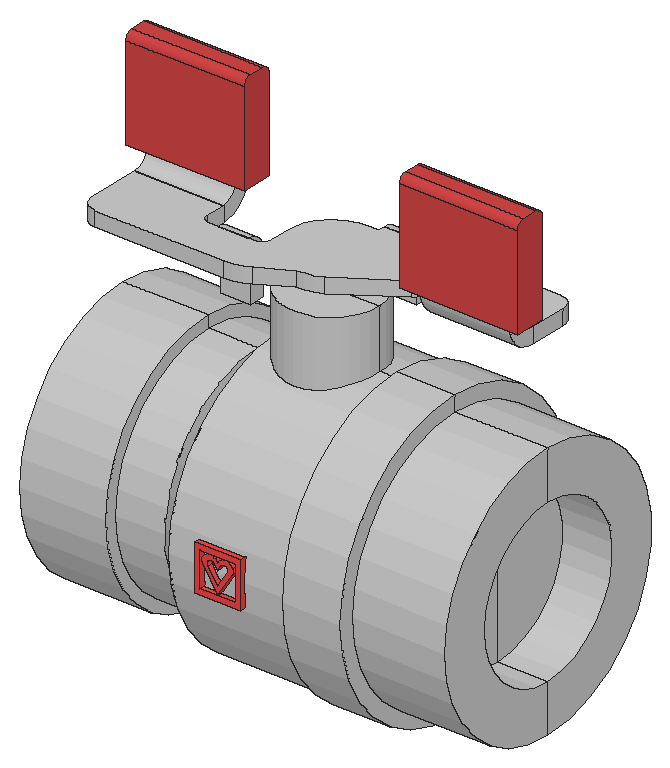
Revit family "Kugelhahn mit Knebelgriff (Blech) 2201", category Rohrzubehör, Revit 2019
Family settings
  Bemaßung runder Anschluss = Durchmesser verwenden
  Teiletyp = Unterbricht
  OmniClass-Nummer = 23.65.55.14
  OmniClass-Titel = Valves for Liquid Services
  Arbeitsebenenbasiert = Nein
  Immer vertikal = Ja
  Beim Laden mit Abzugskörper schneiden = Nein
  Gemeinsam genutzt = Nein
Parameters
  Min.Betriebstemperatur (Wasser) = 0.5 °C  # constant formula
  Min.Betriebstemperatur = -30 °C  # constant formula
  Max.Betriebstemperatur (Wasser - kein Dampf) = 110 °C  # constant formula
  Max.Betriebstemperatur = 150 °C  # constant formula
  Max.Betriebsdruck (Verschraubung) = 1600000.0 Pa  # constant formula
  Max.Betriebsdruck = 2500000.0 Pa  # constant formula
  W01 = 135.00°  # constant formula
  URL = "www.herz-armaturen.at"
  Spindeldichtung = "PTFE"  # constant formula
  Spindel = "Messing nach EN 12164, CW614N"  # constant formula
  SCRNSEQ = "ARM;ARM_TYP=\"ABVS\";2"
  SCRNCODE = "05;10;02"  # constant formula
  S02 [instance] = 2 * D01  # 51 mm
  S01 [instance] = L01 + L02 + L06  # 84.5 mm
  R01 [instance] = size_lookup("2201_3X_", "R1", 1 mm, Nennweite)  # 9.5 mm
  Nennweite [instance] = 32 mm
  Medium = "Heizungswasserqualität nach ÖNORM H 5195 oder VDI-Richtline 2035.\r\nDie Verwendung von Ethylen- oder Propylenglykol in einem Mischungsverhältnis 25 - 50% ist zulässig."
  L06 [instance] = size_lookup("2201_3X_", "L6", 1 mm, Nennweite)  # 18.5 mm
  L05 [instance] = size_lookup("2201_3X_", "L5", 1 mm, Nennweite)  # 34.8 mm
  L04 [instance] = size_lookup("2201_3X_", "L4", 1 mm, Nennweite)  # 11.5 mm
  L03 [instance] = size_lookup("2201_3X_", "L3", 1 mm, Nennweite)  # 17 mm
  L02 [instance] = size_lookup("2201_3X_", "L2", 1 mm, Nennweite)  # 24.5 mm
  L01 [instance] = size_lookup("2201_3X_", "L1", 1 mm, Nennweite)  # 41.5 mm
  Kugeldichtung = "PTFE"  # constant formula
  Kugel = "geschmiedetes Messing nach EN 12165, voller Durchgang, verchromt, CW617N"  # constant formula
  Innengewinde = "nach ISO 228-1"  # constant formula
  IG [instance] = Nennweite / 2  # 16 mm
  Hersteller = "HERZ Armaturen Ges.m.b.H"  # constant formula
  H01 [instance] = size_lookup("2201_3X_", "H1", 1 mm, Nennweite)  # 39 mm
  Griff = "Knebelgriff rot, Stahlblech beschichtet"  # constant formula
  Gewicht [instance] = if(Nennweite = 15 mm, 0.17, if(Nennweite = 20 mm, 0.246, if(Nennweite = 25 mm, 0.458, if(Nennweite = 32 mm, 0.712, 0))))  # 0.712
  Gehäuse = "geschmiedetes Messing nach EN 12165, vernickelt, CW617N"  # constant formula
  GT1 [instance] = size_lookup("2201_3X_", "GT1", 1 mm, Nennweite)  # 10 mm
  GT [instance] = size_lookup("2201_3X_", "GT", 1 mm, Nennweite)  # 16 mm
  Einsatzbereich = "Kugelhähne werden zum Absperren von Leitungen und Anlagen verwendet.\r\nEinsatzbereiche sind Heizungs- und Kälteanlagen.\r\nDer Kugelhahn ist nicht geeignet für die Durchflussregelung und muss immer in voll geöffneter oder geschlossener Position verwendet werden."
  DN25-DN32 [instance] = if(Nennweite = 25 mm, 38 mm, 43 mm)  # 43 mm
  DN25+DN32 [instance] = or(Nennweite = 25 mm, Nennweite = 32 mm)  # yes
  DN15-DN20 [instance] = if(Nennweite = 15 mm, 28 mm, 31 mm)  # 31 mm
  DN15+DN20 [instance] = or(Nennweite = 15 mm, Nennweite = 20 mm)  # no
  D05 [instance] = size_lookup("2201_3X_", "D5", 1 mm, Nennweite)  # 25.55 mm
  D04 [instance] = size_lookup("2201_3X_", "D4", 1 mm, Nennweite)  # 27.5 mm
  D03 [instance] = size_lookup("2201_3X_", "D3", 1 mm, Nennweite)  # 28.5 mm
  D02 [instance] = size_lookup("2201_3X_", "D2", 1 mm, Nennweite)  # 23.2 mm
  D01 [instance] = size_lookup("2201_3X_", "D1", 1 mm, Nennweite)  # 25.5 mm
  Bestellnummer [instance] = size_lookup("2201_3X_", "Artnr", 0, Nennweite)  # 1220134
  Anwendungen = "Der Kugelhahn wird in der Installation als Absperreinrichtung verwendet.\r\nAnwendungsgebiete sind Zentralheizungs- und Kälteanlagenlagen.\r\nDie Betriebsbedingungen (wie Temperatur und Druck) sollten dabei eingehalten werden."
Reference planes
  plane 1 "Mitte (Vorne/hinten)": y = 0
  plane 2: z = 0
  plane 3 "Mitte (Links/rechts)": x = 0
Forms (mm)
  Revolve 1, solid, material "Messing, vernickelt", detail levels fine
    sketch origin (0, 0, 0) x (1, 0, 0) y (0, 0, 1)
      loop
        line (24.5, 25.55) -> (24.5, 28.5) -> (13, 28.5) -> (13, 27.5) -> (-10.3, 27.5) -> (-14.6, 23.2) -> (-24.5, 23.2) -> (-24.5, 25.5) -> (-41.5, 25.5) -> (-41.5, 16) -> (-25.5, 16) -> (-25.5, 0) -> (33, 0) -> (33, 16) -> (43, 16) -> (43, 25.55) -> (24.5, 25.55)
      axis (-41.5, 0) -> (43, 0)
    angle from 0 to 360
  Revolve 2, solid, material "Messing, vernickelt", detail levels fine
    sketch origin (0, 0, 0) x (1, 0, 0) y (0, 0, 1)
      loop
        line (0, 0) -> (5.522, 0) -> (5.522, 8.202) -> (9.5, 8.202) -> (9.5, 39) -> (0, 39) -> (0, 0)
      axis (0, 39) -> (0, 0)
    angle from 0 to 360
Lines and regions (mm)
  model lines, detail levels coarse+medium
    curve 1: line (-42.25, 25.5, 0) -> (-42.25, -25.5, 0)
    curve 2: line (-42.25, -25.5, 0) -> (42.25, 25.5, 0)
    curve 3: line (42.25, 25.5, 0) -> (42.25, -25.5, 0)
    curve 4: line (42.25, -25.5, 0) -> (-42.25, 25.5, 0)
    curve 5: circle (0, 0, 0) r 25.5 normal (0, 0, 1)
    curve 6: line (-25.25, 0, 25.5) -> (-25.25, 0, -25.5)
    curve 7: line (-25.25, 0, -25.5) -> (59.25, 0, 25.5)
    curve 8: line (59.25, 0, 25.5) -> (59.25, 0, -25.5)
    curve 9: line (59.25, 0, -25.5) -> (-25.25, 0, 25.5)
    curve 10: circle (0, 0, 0) r 25.5 normal (0, -1, 0)
Dimensions and locks
  "L01": Revolve 1 sketch curve to plane 3 "Mitte (Links/rechts)"
  "L02": Revolve 1 sketch curve to plane 3 "Mitte (Links/rechts)"
  "D01": Revolve 1 sketch curve to plane 2
  "D02": Revolve 1 sketch curve to plane 2
  "L03": Revolve 1 sketch curve to Revolve 1 sketch curve
  "GT": Revolve 1 sketch curve to Revolve 1 sketch curve
  "IG": Revolve 1 sketch curve to plane 2
  "R01": Revolve 2 sketch curve to plane 3 "Mitte (Links/rechts)"
  "H01": Revolve 2 sketch curve to plane 2
  "D03": Revolve 1 sketch curve to plane 2
  "D04": Revolve 1 sketch curve to plane 2
  "L04": Revolve 1 sketch curve to Revolve 1 sketch curve
  "L05": Revolve 1 sketch curve to Revolve 1 sketch curve
  "IG": Revolve 1 sketch curve to Revolve 1 sketch curve
  "GT1": Revolve 1 sketch curve to Revolve 1 sketch curve
  "L06": Revolve 1 sketch curve to Revolve 1 sketch curve
  "D05": Revolve 1 sketch curve to Revolve 1 sketch curve
  "D04": nested 1 to plane 1 "Mitte (Vorne/hinten)"
  equal spacing: curve 2, plane 1 "Mitte (Vorne/hinten)", curve 4
  equal spacing: curve 4, plane 1 "Mitte (Vorne/hinten)", curve 3
  "S02": curve 4 to curve 2
  "S02": curve 3 to curve 4
  equal spacing: curve 1, plane 3 "Mitte (Links/rechts)", curve 3
  "S01": curve 1 to curve 3
  "S02": curve 9 to curve 7
  equal spacing: curve 9, plane 2, curve 7
  equal spacing: curve 8, plane 2, curve 9
  "S02": curve 8 to curve 9
  curve 6 to curve 8 = 84.5 mm
  "S01": curve 6 to curve 8
  "DN15-DN20": nested 2 to plane 2
  "DN25-DN32": nested 3 to plane 2
  "S02": diameter of curve 5
  "S02": diameter of curve 10
  "W01": angle Revolve 1 sketch curve to Revolve 1 sketch curve
  aligned and locked: level to plane 2
Automatic sketch dimensions
  curve 10 to level = 0 mm
  curve 10 to plane 3 "Mitte (Links/rechts)" = 0 mm
  curve 6 to plane 3 "Mitte (Links/rechts)" = 25.25 mm
  plane 1 "Mitte (Vorne/hinten)" to curve 5 = 0 mm
  curve 5 to plane 3 "Mitte (Links/rechts)" = 0 mm
  Revolve 1 sketch curve to level = 0 mm  (x2)
  Revolve 1 sketch curve to Revolve 1 sketch curve = 1481.63 mm
  Revolve 1 sketch curve to Revolve 1 sketch curve = 1814.648 mm
  Revolve 2 sketch curve to level = 0 mm
  Revolve 2 sketch curve to plane 3 "Mitte (Links/rechts)" = 0 mm  (x2)
  plane 3 "Mitte (Links/rechts)" to Revolve 2 sketch curve = 5.522 mm
  level to Revolve 2 sketch curve = 8.202 mm
  Revolve 2 sketch curve to Revolve 2 sketch curve = 366.045 mm
  Revolve 2 sketch curve to Revolve 2 sketch curve = 2190.315 mm
Nested families
  nested 1: "Herz-Logo-vorne" at (0, -27.5, 0) x (0, 1, 0) z (0, 0, 1), type "Herz-Logo-vorne", detail levels fine
  nested 2: "Knebelgriff (Blech) DN15-DN20" at (0, 0, 31), visible <- "DN15+DN20", type "Knebelgriff (Blech) DN15-DN20"
  nested 3: "Knebelgriff (Blech) DN25-DN32" at (0, 0, 43), visible <- "DN25+DN32", type "Knebelgriff (Blech) DN25-DN32"
Connectors
  piping at (6.5, 0, 0), diameter 32, driven by "Nennweite"
    settings: on Revolve 1, index 1, connector inside diameter 609.6 mm, connector length 0 mm, flow factor 0, pipe flow 0.0 L/s, pressure drop 0.0 Pa, fitting loss kfactor 0, connector angle 0.00°, fixture units 0, engagement length 0 mm, angle of deflection 0.00°, flow configuration 0, flow direction 0, fitting loss method 0, system type 7, joint type 0, gender type 0, connector reference index -1, connector utility 0, adjustable connector no, is connector primary yes, connector description ""
  piping at (-25.5, 0, 0), diameter 32, driven by "Nennweite"
    settings: on Revolve 1, index 2, connector inside diameter 609.6 mm, connector length 0 mm, flow factor 0, pipe flow 0.0 L/s, pressure drop 0.0 Pa, fitting loss kfactor 0, connector angle 0.00°, fixture units 0, engagement length 0 mm, angle of deflection 0.00°, flow configuration 0, flow direction 0, fitting loss method 0, system type 7, joint type 0, gender type 0, connector reference index -1, connector utility 0, adjustable connector no, is connector primary no, connector description ""
Definition of nested family "Herz-Logo-vorne"
  Reference planes
    plane 1 "Mitte (Vorne/hinten)": y = 0
    plane 2: z = 0
    plane 3 "Mitte (Links/rechts)": x = 0
  Forms (mm)
    Extrusion 1, solid
      sketch origin (0.732, -0.018, 0.017) x (0, -1, 0) y (0, 0, 1)
        loop
          line (-0.018, -4.517) -> (4.482, -4.517) -> (4.482, 4.483) -> (-4.518, 4.483) -> (-4.518, -4.517) -> (-0.018, -4.517)
        loop
          line (-0.05, -3.48) -> (3.482, -3.48) -> (3.482, 3.483) -> (-3.518, 3.483) -> (-3.518, -3.48) -> (-0.05, -3.48)
        loop
          arc (-0.018, 2.383) -> (-1.543, 3.287) -> (-3.067, 2.383) r 1.738
          arc (-3.067, 2.383) -> (-3.191, 1.899) -> (-3.067, 1.415) r 1.009
          line (-3.067, 1.415) -> (-0.018, -3.281) -> (3.032, 1.415)
          arc (3.032, 1.415) -> (3.156, 1.899) -> (3.032, 2.383) r 1.009
          arc (3.032, 2.383) -> (1.507, 3.287) -> (-0.018, 2.383) r 1.738
        loop
          arc (1.885, 1.272) -> (2.005, 1.675) -> (1.885, 2.079) r 0.74
          arc (1.885, 2.079) -> (1.265, 2.416) -> (0.644, 2.079) r 0.74
          line (0.644, 2.079) -> (-0.018, 0.97) -> (-0.679, 2.079)
          arc (-0.679, 2.079) -> (-1.3, 2.416) -> (-1.921, 2.079) r 0.74
          arc (-1.921, 2.079) -> (-2.04, 1.675) -> (-1.921, 1.272) r 0.74
          line (-1.921, 1.272) -> (-0.018, -1.658) -> (1.885, 1.272)
      from 0 to 1.5
  Dimensions and locks
    aligned and locked: level to plane 2
Definition of nested family "Knebelgriff (Blech) DN15-DN20"
  Reference planes
    plane 1 "Mitte (Vorne/hinten)": y = 0
    plane 2: z = 0
    plane 3 "Mitte (Links/rechts)": x = 0
  Forms (mm)
    Extrusion 1, solid, detail levels fine
      sketch origin (0, 0, 0) x (1, 0, 0) y (0, 1, 0)
        loop
          line (-7, 0) -> (-7, -3.8)
          arc (-7, -3.8) -> (-7.439, -4.861) -> (-8.5, -5.3) r 1.5
          line (-8.5, -5.3) -> (-14.5, -5.3)
          arc (-14.5, -5.3) -> (-15.561, -4.861) -> (-16, -3.8) r 1.5
          line (-16, -3.8) -> (-16, 0) -> (-28, 0) -> (-28, -8.1)
          arc (-28, -8.1) -> (-27.121, -10.221) -> (-25, -11.1) r 3
          line (-25, -11.1) -> (-3.453, -11.1)
          arc (-3.453, -11.1) -> (-2.496, -10.91) -> (-1.685, -10.368) r 2.5
          line (-1.685, -10.368) -> (4.443, -4.24)
          arc (4.443, -4.24) -> (5.743, -2.295) -> (6.2, 0) r 6
          arc (6.2, 0) -> (6.64, 1.06) -> (7.7, 1.499) r 1.5
          line (7.7, 1.499) -> (15.1, 1.499)
          arc (15.1, 1.499) -> (16.16, 1.06) -> (16.6, 0) r 1.5
          line (16.6, 0) -> (28.6, 0) -> (28.6, 4)
          arc (28.6, 4) -> (27.721, 6.121) -> (25.6, 7) r 3
          line (25.6, 7) -> (0, 7)
          arc (0, 7) -> (-4.95, 4.95) -> (-7, 0) r 7
      from 0 to 2.5
    Extrusion 2, solid, detail levels fine
      sketch origin (0, 0, 0) x (0, 1, 0) y (0, 0, 1)
        loop
          arc (2.5, 5) -> (1.768, 3.232) -> (0, 2.5) r 2.5
          line (0, 2.5) -> (0, 0)
          arc (0, 0) -> (3.536, 1.464) -> (5, 5) r 5
          line (5, 5) -> (5, 6) -> (2.5, 6) -> (2.5, 5)
      from -28 to -16
    Extrusion 3, solid, detail levels fine
      sketch origin (0, 5.3, 0) x (0, 1, 0) y (0, 0, 1)
        loop
          line (-7.8, 5) -> (-7.8, 6) -> (-10.3, 6) -> (-10.3, 5)
          arc (-10.3, 5) -> (-8.836, 1.464) -> (-5.3, 0) r 5
          line (-5.3, 0) -> (-5.3, 2.5)
          arc (-5.3, 2.5) -> (-7.068, 3.232) -> (-7.8, 5) r 2.5
      from 16.6 to 28.6
    Extrusion 4, solid, detail levels fine
      sketch origin (0, 0, 0) x (0, 1, 0) y (0, 0, 1)
        loop
          line (5.75, 6) -> (5.75, 17.041)
          arc (5.75, 17.041) -> (5.469, 17.719) -> (4.791, 18) r 0.959
          line (4.791, 18) -> (2.773, 18)
          arc (2.773, 18) -> (2.05, 17.7) -> (1.75, 16.977) r 1.023
          line (1.75, 16.977) -> (1.75, 6) -> (5.75, 6)
      from -29.7 to -14.3
    Extrusion 5, solid, detail levels fine
      sketch origin (0, 0, 0) x (0, 1, 0) y (0, 0, 1)
        loop
          line (-5.75, 6) -> (-1.75, 6) -> (-1.75, 17)
          arc (-1.75, 17) -> (-2.043, 17.707) -> (-2.75, 18) r 1
          line (-2.75, 18) -> (-4.75, 18)
          arc (-4.75, 18) -> (-5.457, 17.707) -> (-5.75, 17) r 1
          line (-5.75, 17) -> (-5.75, 6)
      from 30.3 to 14.9
    Extrusion 6, solid, detail levels fine
      sketch origin (0, 0, 0) x (0, 1, 0) y (0, 0, 1)
        loop
          line (9, -2) -> (9, -8) -> (11.5, -8) -> (11.5, -2)
          arc (11.5, -2) -> (10.182, 1.182) -> (7, 2.5) r 4.5
          line (7, 2.5) -> (7, 0)
          arc (7, 0) -> (8.414, -0.586) -> (9, -2) r 2
      from 8.1 to 2.1
    Extrusion 7, solid, detail levels fine
      sketch origin (0, 0, 0) x (0, 1, 0) y (0, 0, 1)
        loop
          line (-4.3, -1) -> (-4.3, -8) -> (-1.8, -8) -> (-1.8, -1)
          arc (-1.8, -1) -> (-2.825, 1.475) -> (-5.3, 2.5) r 3.5
          line (-5.3, 2.5) -> (-5.3, 0)
          arc (-5.3, 0) -> (-4.593, -0.293) -> (-4.3, -1) r 1
      from -14.5 to -8.5
  Dimensions and locks
    aligned and locked: level to plane 2
Definition of nested family "Knebelgriff (Blech) DN25-DN32"
  Reference planes
    plane 1 "Mitte (Vorne/hinten)": y = 0
    plane 2: z = 0
    plane 3 "Mitte (Links/rechts)": x = 0
  Forms (mm)
    Extrusion 1, solid, detail levels fine
      sketch origin (0, 0, 0) x (1, 0, 0) y (0, 1, 0)
        loop
          arc (0, 9) -> (-6.364, 6.364) -> (-9, 0) r 9
          line (-9, 0) -> (-9, -4.1)
          arc (-9, -4.1) -> (-9.439, -5.161) -> (-10.5, -5.6) r 1.5
          line (-10.5, -5.6) -> (-20, -5.6)
          arc (-20, -5.6) -> (-21.061, -5.161) -> (-21.5, -4.1) r 1.5
          line (-21.5, -4.1) -> (-21.5, 0) -> (-39.1, 0) -> (-39.1, -10.6)
          arc (-39.1, -10.6) -> (-38.221, -12.721) -> (-36.1, -13.6) r 3
          line (-36.1, -13.6) -> (-10.5, -13.6)
          arc (-10.5, -13.6) -> (-8.037, -13.275) -> (-5.742, -12.323) r 9.5
          line (-5.742, -12.323) -> (0, -9)
          arc (0, -9) -> (2.463, -8.675) -> (4.758, -7.723) r 9.5
          line (4.758, -7.723) -> (16.029, -0.25)
          arc (16.029, -0.25) -> (16.522, 0.291) -> (16.7, 1) r 1.5
          arc (16.7, 1) -> (17.139, 2.061) -> (18.2, 2.5) r 1.5
          line (18.2, 2.5) -> (20.9, 2.5)
          arc (20.9, 2.5) -> (21.961, 2.061) -> (22.4, 1) r 1.5
          line (22.4, 1) -> (22.4, 0) -> (40, 0) -> (40, 7.5)
          arc (40, 7.5) -> (39.121, 9.621) -> (37, 10.5) r 3
          line (37, 10.5) -> (2.1, 10.5) -> (2.1, 9) -> (0, 9)
      from 0 to 3
    Extrusion 2, solid, detail levels fine
      sketch origin (0, 0, 0) x (0, 1, 0) y (0, 0, 1)
        loop
          arc (3, 6) -> (2.121, 3.879) -> (0, 3) r 3
          line (0, 3) -> (0, 0)
          arc (0, 0) -> (4.243, 1.757) -> (6, 6) r 6
          line (6, 6) -> (3, 6)
      from -39.1 to -21.5
    Extrusion 3, solid, detail levels fine
      sketch origin (0, 0, 0) x (0, 1, 0) y (0, 0, 1)
        loop
          arc (0, 3) -> (-2.121, 3.879) -> (-3, 6) r 3
          line (-3, 6) -> (-6, 6)
          arc (-6, 6) -> (-4.243, 1.757) -> (0, 0) r 6
          line (0, 0) -> (0, 3)
      from 22.4 to 40
    Extrusion 4, solid, detail levels fine
      sketch origin (0, 0, 0) x (0, 1, 0) y (0, 0, 1)
        loop
          line (7.5, 6) -> (7.5, 24.5)
          arc (7.5, 24.5) -> (7.061, 25.561) -> (6, 26) r 1.5
          line (6, 26) -> (3, 26)
          arc (3, 26) -> (1.939, 25.561) -> (1.5, 24.5) r 1.5
          line (1.5, 24.5) -> (1.5, 6) -> (7.5, 6)
      from -42.05 to -18.55
    Extrusion 5, solid, detail levels fine
      sketch origin (0, 0, 0) x (0, 1, 0) y (0, 0, 1)
        loop
          line (-7.5, 6) -> (-1.5, 6) -> (-1.5, 24.5)
          arc (-1.5, 24.5) -> (-1.939, 25.561) -> (-3, 26) r 1.5
          line (-3, 26) -> (-6, 26)
          arc (-6, 26) -> (-7.061, 25.561) -> (-7.5, 24.5) r 1.5
          line (-7.5, 24.5) -> (-7.5, 6)
      from 19.45 to 42.95
    Extrusion 6, solid, detail levels fine
      sketch origin (0, 0, 0) x (0, 1, 0) y (0, 0, 1)
        loop
          arc (14, -0.5) -> (12.975, 1.975) -> (10.5, 3) r 3.5
          line (10.5, 3) -> (10.5, 0)
          arc (10.5, 0) -> (10.854, -0.146) -> (11, -0.5) r 0.5
          line (11, -0.5) -> (11, -9) -> (14, -9) -> (14, -0.5)
      from 2.1 to 8.1
    Extrusion 7, solid, detail levels fine
      sketch origin (0, -16.1, 0) x (0, 1, 0) y (0, 0, 1)
        loop
          arc (14, -0.5) -> (12.975, 1.975) -> (10.5, 3) r 3.5
          line (10.5, 3) -> (10.5, 0)
          arc (10.5, 0) -> (10.854, -0.146) -> (11, -0.5) r 0.5
          line (11, -0.5) -> (11, -9) -> (14, -9) -> (14, -0.5)
      from -12 to -18
  Dimensions and locks
    aligned and locked: level to plane 2
